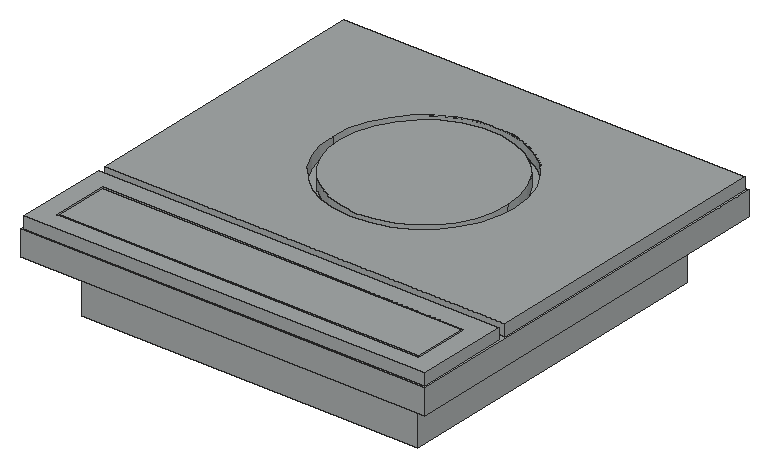
Revit family "Gira_5560902", category Electrical Fixtures, host Face, Revit 2017
Family settings
  Host = Face
  Maintain Annotation Orientation = Yes
  Round Connector Dimension = Use Diameter
  Part Type = Normal
  Cut with Voids When Loaded = No
  Shared = No
  Room Calculation Point = No
Parameters (values of type "Info-Modul System 106 Verkehrsweiß(lack.)")
  URL = "http://katalog.gira.de/de_DE/datenblatt.html?artikelnr=5560902"
  Region = "DE"
  Name = "Info-Modul System 106 Verkehrsweiß(lack.)"
  Model = "Sys106_Abdeckung_Schalten und Tasten"
  Manufacturer URL = "https://www.gira.de/"
  Installationstechnik = "Bus-System"
  Höhe = "0,1065 m"
  HeinzeBIM = "https://bimportal.heinze.de/bim/info-modul-system-106-verkehrsweiss-lack-/c272aa48d3b203935b4c5d9a0313eebbdd5c45b1"
  HAN = "5560902"
  GTIN = "4010337022817"
  Farbe = "weiß"
  Edelstahl [instance] = Edelstahl
  Default Elevation = 1219.2 mm
  Data sheet (1) = "https://katalog.gira.de/de_DE/download.html?artikelnr=5560902"
  Category = "Funktionsmodul für Türkommunikation"
  Breite = "0,1065 m"
  Available = "Yes"
Reference planes
  plane 1 "Center (Front/Back)": y = 0
  plane 2 "Reference Level 0": z = 0
  plane 3 "Center (Left/Right)": x = 0
  plane 4 "Reference Level 1": z = 9.5
Forms (mm)
  Extrusion 1, solid, material "Edelstahl" <- "Edelstahl", detail levels coarse
    sketch origin (0, 0, 0) x (1, 0, 0) y (0, 1, 0)
      loop
        line (-53, 53) -> (-53, -53) -> (53, -53) -> (53, 53) -> (-53, 53)
    from -14.7 to 9.5
  Extrusion 2, solid, material "Edelstahl" <- "Edelstahl", detail levels fine
    sketch origin (0, 0, 0) x (1, 0, 0) y (0, 1, 0)
      loop
        line (52.5, -28) -> (-52.5, -28) -> (-52.5, -52.5) -> (52.5, -52.5) -> (52.5, -28)
      loop
        line (-47.5, -48) -> (47.5, -48) -> (47.5, -33) -> (-47.5, -33) -> (-47.5, -48)
    from 6.5 to 9.5
  Extrusion 3, solid, material "Edelstahl" <- "Edelstahl", detail levels fine
    sketch origin (0, 0, 0) x (1, 0, 0) y (0, 1, 0)
      loop
        line (-52.5, 52.5) -> (-52.5, -26) -> (52.5, -26) -> (52.5, 52.5) -> (-52.5, 52.5)
      loop
        circle (0, 13) r 24
    from 6.5 to 9.5
  Extrusion 4, solid, material "Edelstahl" <- "Edelstahl", detail levels medium+fine
    sketch origin (0, 0, 0) x (1, 0, 0) y (0, 1, 0)
      loop
        line (-53, 53) -> (-53, -53) -> (53, -53) -> (53, 53) -> (-53, 53)
    from 0 to 6.5
  Extrusion 5, solid, material "Edelstahl" <- "Edelstahl", detail levels fine
    sketch origin (0, 0, 0) x (1, 0, 0) y (0, 1, 0)
      loop
        line (-44, 44) -> (-44, -44) -> (44, -44) -> (44, 44) -> (-44, 44)
    from -14.7 to 0
  Extrusion 6, solid, material "Edelstahl" <- "Edelstahl", detail levels fine
    sketch origin (0, 0, 0) x (1, 0, 0) y (0, 1, 0)
      loop
        circle (0, 13) r 22
    from 6.5 to 9.5
  Extrusion 7, solid, material "Edelstahl" <- "Edelstahl", detail levels fine
    sketch origin (0, 0, 0) x (1, 0, 0) y (0, 1, 0)
      loop
        line (-47, -33.5) -> (-47, -47.5) -> (47, -47.5) -> (47, -33.5) -> (-47, -33.5)
    from 6.5 to 9.5
  Extrusion 8, solid, material "Edelstahl" <- "Edelstahl", detail levels medium
    sketch origin (0, 0, 0) x (1, 0, 0) y (0, 1, 0)
      loop
        line (-52.5, 52.5) -> (-52.5, -26) -> (52.5, -26) -> (52.5, 52.5) -> (-52.5, 52.5)
      loop
        line (-52.5, -28) -> (-52.5, -52.5) -> (52.5, -52.5) -> (52.5, -28) -> (-52.5, -28)
    from 6.5 to 9.5
  Extrusion 9, solid, material "Edelstahl" <- "Edelstahl", detail levels medium
    sketch origin (0, 0, 0) x (1, 0, 0) y (0, 1, 0)
      loop
        circle (0, 13) r 24
      loop
        line (-47.5, -33) -> (-47.5, -48) -> (47.5, -48) -> (47.5, -33) -> (-47.5, -33)
    from 6.5 to 9.5
Dimensions and locks
  aligned and locked: plane 2 "Reference Level 0" to host face
  aligned and locked: level to host face
  aligned and locked: Extrusion 4 to host face
  aligned and locked: Extrusion 4 to level
  aligned and locked: level to Extrusion 5
  aligned and locked: level to Extrusion 4
  aligned and locked: Extrusion 4 to plane 2 "Reference Level 0"
  aligned and locked: plane 2 "Reference Level 0" to Extrusion 5
  aligned and locked: plane 3 "Center (Left/Right)" to nested 1
  aligned and locked: plane 1 "Center (Front/Back)" to nested 1
Nested families
  nested 1: "Schalter" at (0, 0, 0), type "Schalter"
Connectors
  electrical at (0, 0, -14.7)
    settings: on Extrusion 5, index 1, voltage 220 V, apparent load 0 VA, apparent load phase1 0 VA, apparent load phase2 0 VA, apparent load phase3 0 VA, power factor 1, load classification "Other", number of poles 1, system type 30, power factor state 1, is connector primary yes, connector utility no, sub classification motor no, connector description ""
Definition of nested family "Schalter"
  Reference planes
    plane 1: y = 0
    plane 2: x = 0
  Lines and regions (mm)
    detail lines
      curve 1: circle (1.375, 2.778, 0) r 0.8 normal (0, 0, 1)
      curve 2: line (1.021, 2.061, 0) -> (0, 0, 0)
      curve 3: line (0, 0, 0) -> (-0.538, 0.266, 0)
  Dimensions and locks
    curve 2 to curve 2 = 2.3 mm
    curve 3 to curve 2 = 0.6 mm
    radius of curve 1 = 0.8 mm
